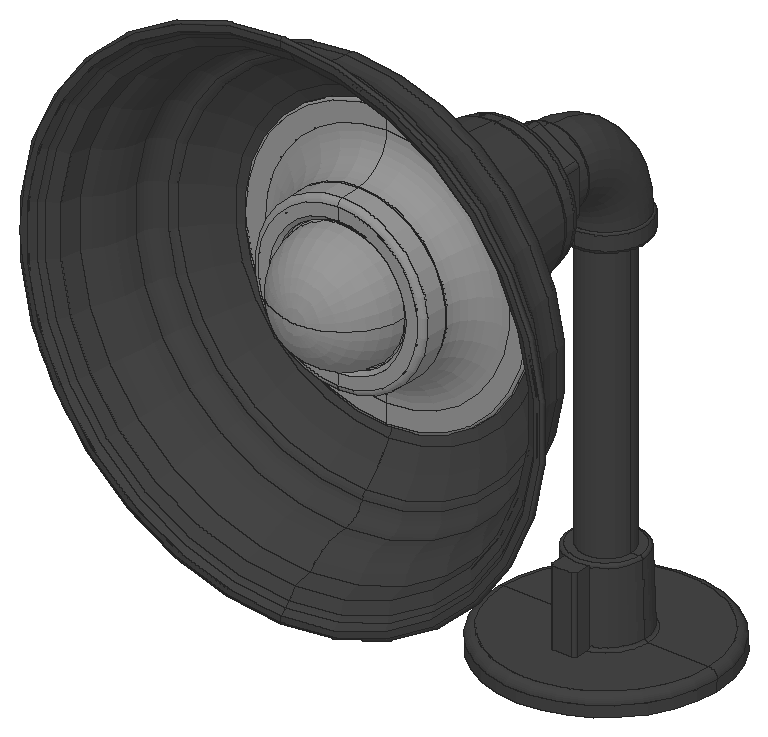
Revit family "BLE-G-WHB-G4-LED", category Lighting Fixtures, host Face, Revit 2022
Family settings
  Host = Face
  Round Connector Dimension = Use Diameter
  Part Type = Normal
  Cut with Voids When Loaded = No
  Light Source = Yes
  Maintain Annotation Orientation = No
  Shared = No
  Room Calculation Point = No
Parameters (values of type "11" Dome")
  Wattage = 5.72229 W
  built-in parameter 1150110 = 1 (stored number, unit not read)
  built-in parameter 1114217 = 1 (stored number, unit not read)
  Tilt Angle = 0.00°
  built-in parameter 1150109 = 1 (stored number, unit not read)
  built-in parameter 1150134 = (empty or 0)
  built-in parameter 1150113 = 1 (stored number, unit not read)
  Heat Sink 9" = no
  Heat Sink 6" = yes
  Heat Sink = 0' - 5 17/32"
  Gooseneck Material = 100 - Black
  Shade Material = 100 - Black
  Photometric Web File = "generic"
  built-in parameter 1150142 = (empty or 0)
  built-in parameter 1150105 = 67.641 (stored number, unit not read)
  Lumens = 850 lm
  built-in parameter 1150115 = 1 (stored number, unit not read)
  built-in parameter 1150137 = (empty or 0)
  built-in parameter 1150139 = (empty or 0)
  built-in parameter 1150112 = 1 (stored number, unit not read)
  built-in parameter 1150114 = 1 (stored number, unit not read)
  built-in parameter 1150132 = 2
  built-in parameter 1150102 = (empty or 0)
  built-in parameter 1150107 = 3000 (stored number, unit not read)
  built-in parameter 1150138 = (empty or 0)
  built-in parameter 1150106 = 0.67641 (stored number, unit not read)
  Flat = no
  built-in parameter 1150104 = 13.8 (stored number, unit not read)
  Dome = yes
  Dimming Lamp Color Temperature Shift = <None>
  Default Elevation = 4' - 0"
  Color Filter = 16777215
  Base Material = 100 - Black
  built-in parameter 1114218 = 1 (stored number, unit not read)
  built-in parameter 1150133 = 10 (stored number, unit not read)
  17" = no
  15" = no
  13" = no
  11" = yes
Reference planes (in)
  plane 1 "Center (Front/Back)": y = 0
  plane 2: z = 0
  plane 3 "Center (Left/Right)": x = 0
Lines and regions (in)
  reference lines
    curve 1: line (0, -5.53125, 19.86275) -> (0, -5.53125, 9.99662)
    curve 2: line (0, 35, 0) -> (0, -36, 0)
    curve 3: line (-39, 0, 0) -> (37, 0, 0)
Dimensions and locks (in)
  "Heat Sink": plane 1 "Center (Front/Back)" to curve 1
  imposter light to host face = 0' - 9.663"
  locked: curve 1 to imposter light at 1
  aligned and locked: plane 2 to host face
  aligned and locked: level to host face
  aligned and locked: plane 3 "Center (Left/Right)" to nested 1
  aligned and locked: plane 1 "Center (Front/Back)" to nested 1
  aligned and locked: nested 4 to imposter light
  aligned and locked: nested 5 to imposter light
  aligned and locked: nested 3 to imposter light
  aligned and locked: nested 3 to plane 3 "Center (Left/Right)"
  aligned and locked: imposter light to nested 2
  aligned and locked: imposter light to nested 6
  aligned and locked: plane 3 "Center (Left/Right)" to nested 6
  aligned and locked: nested 7 to plane 3 "Center (Left/Right)"
  aligned and locked: curve 2 to plane 3 "Center (Left/Right)"
  aligned and locked: plane 1 "Center (Front/Back)" to curve 3
  aligned and locked: nested 8 to imposter light
Automatic sketch dimensions
  host sketch curve to host sketch curve = 8' - 0"  (x2)
  level to curve 1 = 0' - 9.99662"
  curve 1 to curve 1 = 0' - 9.86614"
  curve 3 to plane 3 "Center (Left/Right)" = 3' - 3"
  plane 3 "Center (Left/Right)" to curve 3 = 3' - 1"
  plane 1 "Center (Front/Back)" to curve 2 = 3' - 0"
  curve 2 to plane 1 "Center (Front/Back)" = 2' - 11"
Nested families (in)
  nested 1: "WBP-7501" at (0, 0, 0), type "WBP-7501"
  nested 2: "G4" at (0, 0, 1.975), type "G1"
  nested 3: "WHB Shade" at (0, -2.46318, 9.663) x (0, 0, -1) z (0, -1, 0), type "WHS Shade"
    with 8" no, 6" no, 17" no, 15" no, 13" no
  nested 4: "103264" at (0, -5.53125, 9.663) x (0, 0, -1) z (0, -1, 0), type "103264"
    with Heat Sink 9" no
  nested 5: "ACR-0306" at (0, -6.78129, 9.663) x (1, 0, 0) z (0, -1, 0), type "ACR-0306"
    with Flat no, Dome yes
  nested 6: "RNG-0007" at (0, -6.86239, 9.663) x (0, 0, 1) z (0, -1, 0), type "RNG-0007"
  nested 7: "CPL-0004" at (0, -1.813, 9.663) x (0, 0, -1) z (0, -1, 0), type "CPL-0004"
  nested 8: "103805" at (0, -5.53125, 9.663) x (0, 0, -1) z (0, -1, 0), type "103805"
Connectors (in)
  electrical at (0, 0, 0)
    settings: index 1, voltage 0 V, apparent load 0 VA, apparent load phase1 0 VA, apparent load phase2 0 VA, apparent load phase3 0 VA, power factor 1, load classification "Other", number of poles 1, system type 31, power factor state 1, is connector primary yes, connector utility no, sub classification motor no, connector description ""
Definition of nested family "WBP-7501"
  Parameters (values of type "WBP-7501")
    Default Elevation = 3' - 0"
    Base Material = none
  Reference planes (in)
    plane 1 "Center (Front/Back)": y = 0
    plane 2: z = 0
    plane 3 "Center (Left/Right)": x = 0
    plane 4 "Base Dia": x = -2.325
    plane 5 "Base Height": z = 0.4
    plane 6 "Fillet Radius": z = 0.225
    plane 7: z = 0.458
    plane 8: x = -0.87
    plane 9: x = -0.81
    plane 10: x = -0.76
    plane 11: z = 1.917
    plane 12: z = 1.975
    plane 13: x = -0.7
    plane 14: x = -0.2595
    plane 15: x = 0.2595
    plane 16: y = -1.135
  Forms (in)
    Extrusion 1, solid
      sketch origin (0, 0, 0) x (1, 0, 0) y (0, 1, 0)
        loop
          line (-48, 48) -> (-48, -48) -> (48, -48) -> (48, 48) -> (-48, 48)
      from 0 to -12
    Revolve 2, solid, material <- "Base Material"
      sketch origin (0, 0, 0) x (1, 0, 0) y (0, 0, 1)
        loop
          line (0, 0) -> (0, 1.975) -> (-0.7, 1.975)
          arc (-0.7, 1.975) -> (-0.74172, 1.95814) -> (-0.76, 1.91702) r 0.06003
          line (-0.76, 1.91702) -> (-0.81, 0.458)
          arc (-0.81, 0.458) -> (-0.82699, 0.41699) -> (-0.868, 0.4) r 0.058
          line (-0.868, 0.4) -> (-2.15, 0.4)
          arc (-2.15, 0.4) -> (-2.27374, 0.34874) -> (-2.325, 0.225) r 0.175
          line (-2.325, 0.225) -> (-2.325, 0) -> (0, 0)
        axis (0, 0) -> (0, 1.975)
      angle from 0 to 360
    Extrusion 3, solid, material <- "Base Material"
      sketch origin (0, 0, 0) x (1, 0, 0) y (0, 1, 0)
        loop
          line (-0.2595, -0.76731) -> (-0.2595, -1.075)
          arc (-0.2595, -1.075) -> (-0.24193, -1.11743) -> (-0.1995, -1.135) r 0.06
          line (-0.1995, -1.135) -> (0.1995, -1.135)
          arc (0.1995, -1.135) -> (0.24193, -1.11743) -> (0.2595, -1.075) r 0.06
          line (0.2595, -1.075) -> (0.2595, -0.76731)
          arc (0.2595, -0.76731) -> (0, -0.81) -> (-0.2595, -0.76731) r 0.81
      from 0 to 1.975
  Cuts and joins
    joined: Revolve 2, Extrusion 3
  Dimensions and locks (in)
    plane 4 "Base Dia" to plane 3 "Center (Left/Right)" = 0' - 2.325"
    locked: plane 5 "Base Height" to Extrusion 1 at 0.4
    locked: plane 3 "Center (Left/Right)" to plane 4 "Base Dia" at 2.325
    locked: plane 5 "Base Height" to plane 6 "Fillet Radius" at 0.175
    locked: plane 3 "Center (Left/Right)" to plane 9 at 0.81
    locked: plane 3 "Center (Left/Right)" to plane 8 at 0.87
    locked: plane 3 "Center (Left/Right)" to plane 10 at 0.76
    locked: plane 3 "Center (Left/Right)" to plane 13 at 0.7
    locked: plane 11 to plane 5 "Base Height" at 1.517
    locked: plane 12 to plane 5 "Base Height" at 1.575
    locked: plane 7 to plane 5 "Base Height" at 0.058
    locked: plane 14 to plane 3 "Center (Left/Right)" at 0.2595
    locked: plane 3 "Center (Left/Right)" to plane 15 at 0.2595
    locked: plane 16 to plane 1 "Center (Front/Back)" at 1.135
    radius of Revolve 2 sketch curve = 0' - 0.175"
    aligned and locked: plane 2 to Extrusion 1
    aligned and locked: level to Extrusion 1
    aligned and locked: Revolve 2 sketch curve to plane 5 "Base Height"
    aligned and locked: plane 9 to Revolve 2 sketch curve
    aligned and locked: plane 3 "Center (Left/Right)" to Revolve 2 sketch curve
    aligned and locked: plane 15 to Extrusion 3 sketch curve
    aligned and locked: Extrusion 3 sketch curve to plane 16
    aligned and locked: Extrusion 3 sketch curve to plane 14
  Automatic sketch dimensions
    Extrusion 1 sketch curve to Extrusion 1 sketch curve = 8' - 0"  (x2)
    Revolve 2 sketch curve to level = 0' - 0"
    Revolve 2 sketch curve to plane 4 "Base Dia" = 0' - 0"
    Revolve 2 sketch curve to plane 7 = 0' - 0"  (x2)
    plane 10 to Revolve 2 sketch curve = 0' - 0"
    Revolve 2 sketch curve to plane 12 = 0' - 0"
    Revolve 2 sketch curve to plane 13 = 0' - 0"
    Revolve 2 sketch curve to plane 3 "Center (Left/Right)" = 0' - 0"
    Revolve 2 sketch curve to Revolve 2 sketch curve = 0' - 0.22742"
    Revolve 2 sketch curve to Revolve 2 sketch curve = 0' - 1.76377"
    plane 1 "Center (Front/Back)" to Extrusion 3 sketch curve = 0' - 0"
    Extrusion 3 sketch curve to plane 3 "Center (Left/Right)" = 0' - 0"
    plane 14 to Extrusion 3 sketch curve = 0' - 0.06"
    Extrusion 3 sketch curve to plane 15 = 0' - 0.06"
    Extrusion 3 sketch curve to Extrusion 3 sketch curve = 0' - 0.30769"
Definition of nested family "G4"
  Parameters (values of type "G4")
    Gooseneck Material = none
    Default Elevation = 2' - 0"
  Types (2): name
    G4
    G1
  Reference planes (in)
    plane 1 "Center (Front/Back)": y = 0
    plane 2: z = 0
    plane 3 "Center (Left/Right)": x = 0
    plane 4 "Wood Height": z = 0
    plane 5: z = 7.688
  Forms (in)
    Extrusion 1, solid
      sketch origin (0, 0, 0) x (1, 0, 0) y (0, 1, 0)
        loop
          line (-48, 48) -> (-48, -48) -> (48, -48) -> (48, 48) -> (-48, 48)
      from 0 to -12
  Dimensions and locks (in)
    aligned and locked: plane 2 to Extrusion 1
    aligned and locked: level to Extrusion 1
    aligned and locked: Extrusion 1 to plane 4 "Wood Height"
    aligned and locked: plane 3 "Center (Left/Right)" to nested 1
    aligned and locked: plane 1 "Center (Front/Back)" to nested 1
    aligned and locked: nested 2 to nested 1
    aligned and locked: nested 2 to plane 3 "Center (Left/Right)"
  Nested families (in)
    nested 1: "GNK-7504" at (0, 0, 0), type "GNK-7504"
    nested 2: "APF-750X" at (0, 0, 5.875) x (-1, 0, 0) z (0, 0, 1), type "APF-750X"
  Definition of nested family "GNK-7504"
    Parameters (values of type "GNK-7504")
      Gooseneck Material = none
      Default Elevation = 2' - 0"
    Reference planes (in)
      plane 1 "Center (Front/Back)": y = 0
      plane 2: z = 0
      plane 3 "Center (Left/Right)": x = 0
      plane 4 "Wood Height": z = 0
      plane 5: y = 0.525
      plane 6: z = 5.875
    Forms (in)
      Extrusion 1, solid
        sketch origin (0, 0, 0) x (1, 0, 0) y (0, 1, 0)
          loop
            line (-48, 48) -> (-48, -48) -> (48, -48) -> (48, 48) -> (-48, 48)
        from 0 to -12
      Extrusion 2, solid, material <- "Gooseneck Material"
        sketch origin (0, 0, 0) x (1, 0, 0) y (0, 1, 0)
          loop
            circle (0, 0) r 0.525
        from 0 to 5.875
    Dimensions and locks (in)
      plane 5 to plane 1 "Center (Front/Back)" = 0' - 0.525"  (x2)
      locked: plane 6 to Extrusion 1 at 5.875
      aligned and locked: plane 2 to Extrusion 1
      aligned and locked: level to Extrusion 1
      aligned and locked: Extrusion 1 to plane 4 "Wood Height"
      aligned and locked: Extrusion 2 to Extrusion 1
      aligned and locked: plane 6 to Extrusion 2
  Definition of nested family "APF-750X"
    Parameters (values of type "APF-750X")
      Gooseneck Material = none
      Default Elevation = 2' - 0"
    Reference planes (in)
      plane 1 "Center (Front/Back)": y = 0
      plane 2: z = 0
      plane 3 "Center (Left/Right)": x = 0
      plane 4: z = 0.375
      plane 5: y = 0.8225
      plane 6: y = 1.438
      plane 7: y = 1.813
      plane 8: z = 1.813
      plane 9: z = 0.9905
      plane 10: y = 0.77
    Forms (in)
      Extrusion 1, solid
        sketch origin (0, 0, 0) x (1, 0, 0) y (0, 1, 0)
          loop
            line (-48, 48) -> (-48, -48) -> (48, -48) -> (48, 48) -> (-48, 48)
        from 0 to -12
      Revolve 2, solid, material <- "Gooseneck Material"
        sketch origin (0, 0, 0) x (0, 1, 0) y (0, 0, 1)
          loop
            line (0, 0.375) -> (0, 0) -> (0.7825, 0)
            arc (0.7825, 0) -> (0.81078, 0.01172) -> (0.8225, 0.04) r 0.04
            line (0.8225, 0.04) -> (0.8225, 0.335)
            arc (0.8225, 0.335) -> (0.81078, 0.36328) -> (0.7825, 0.375) r 0.04
            line (0.7825, 0.375) -> (0, 0.375)
          axis (0, 0.375) -> (0, 0)
        angle from 0 to 360
      Revolve 3, solid, material <- "Gooseneck Material"
        sketch origin (0, 0, 0) x (0, 1, 0) y (0, 0, 1)
          loop
            line (1.438, 1.813) -> (1.438, 1.0305)
            arc (1.438, 1.0305) -> (1.44972, 1.00222) -> (1.478, 0.9905) r 0.04
            line (1.478, 0.9905) -> (1.773, 0.9905)
            arc (1.773, 0.9905) -> (1.80128, 1.00222) -> (1.813, 1.0305) r 0.04
            line (1.813, 1.0305) -> (1.813, 1.813) -> (1.438, 1.813)
          axis (1.813, 1.813) -> (1.438, 1.813)
        angle from 0 to 360
      Sweep 4, solid, material <- "Gooseneck Material"
        path origin (0, 0, 0) x (0, 1, 0) y (0, 0, 1)
          loop
            line (0, 0) -> (0, 0.375)
            arc (0, 0.375) -> (0.42118, 1.39182) -> (1.438, 1.813) r 1.438
            line (1.438, 1.813) -> (1.813, 1.813)
        profile origin (0, 0, 0.1875) x (0, -1, 0) y (1, 0, 0)
          loop
            circle (0, 0) r 0.77
    Cuts and joins
      joined: Revolve 2, Revolve 3, Sweep 4
    Dimensions and locks (in)
      locked: plane 5 to plane 1 "Center (Front/Back)" at 0.8225
      locked: plane 4 to Extrusion 1 at 0.375
      locked: plane 7 to plane 6 at 0.375
      locked: plane 6 to plane 1 "Center (Front/Back)" at 1.438
      locked: plane 8 to plane 4 at 1.438
      locked: plane 8 to plane 9 at 0.8225
      plane 10 to plane 1 "Center (Front/Back)" = 0' - 0.77"  (x2)
      radius of Revolve 3 sketch curve = 0' - 0.04"
      aligned and locked: plane 2 to Extrusion 1
      aligned and locked: level to Extrusion 1
      aligned and locked: plane 1 "Center (Front/Back)" to Revolve 2 sketch curve
      aligned and locked: Revolve 3 sketch curve to plane 8
    Automatic sketch dimensions
      Extrusion 1 sketch curve to Extrusion 1 sketch curve = 8' - 0"  (x2)
      Revolve 2 sketch curve to plane 1 "Center (Front/Back)" = 0' - 0"
      Revolve 2 sketch curve to level = 0' - 0"
      Revolve 2 sketch curve to plane 4 = 0' - 0"
      Revolve 2 sketch curve to plane 5 = 0' - 0"
      plane 5 to Revolve 2 sketch curve = 0' - 0.04"
      Revolve 2 sketch curve to Revolve 2 sketch curve = 0' - 0.04"
      Revolve 2 sketch curve to level = 0' - 0.2686"
      plane 4 to Revolve 2 sketch curve = 0' - 0 1/4"
      Revolve 3 sketch curve to plane 5 = 0' - 0"
      Revolve 3 sketch curve to plane 6 = 0' - 0"
      Revolve 3 sketch curve to plane 9 = 0' - 0"
      Revolve 3 sketch curve to plane 7 = 0' - 0"
      Revolve 3 sketch curve to plane 8 = 0' - 0"
      plane 7 to Revolve 3 sketch curve = 0' - 0.04"
      Revolve 3 sketch curve to Revolve 3 sketch curve = 0' - 0.18003"
      Sweep 4 sketch curve to plane 6 = 0' - 0"
      Sweep 4 sketch curve to plane 7 = 0' - 0"
      Sweep 4 sketch curve to level = 0' - 0"
      Sweep 4 sketch curve to plane 4 = 0' - 0"
      Sweep 4 sketch curve to plane 8 = 0' - 0"
      Sweep 4 sketch curve to plane 3 "Center (Left/Right)" = 0' - 0"
      Sweep 4 sketch curve to profile plane = 0' - 0"
      radius of Sweep 4 sketch curve = 0' - 0.77"
Definition of nested family "WHB Shade"
  Parameters (values of type "WHB Shade")
    Shade Material = none
    Default Elevation = 2' - 0"
    17" = yes
    15" = yes
    13" = yes
    11" = yes
    8" = yes
    6" = yes
  Reference planes (in)
    plane 1 "Center (Front/Back)": y = 0
    plane 2: z = 0
    plane 3 "Center (Left/Right)": x = 0
  Forms (in)
    Extrusion 1, solid
      sketch origin (0, 0, 0) x (1, 0, 0) y (0, 1, 0)
        loop
          line (-48, 48) -> (-48, -48) -> (48, -48) -> (48, 48) -> (-48, 48)
      from 0 to -12
  Dimensions and locks (in)
    aligned and locked: plane 2 to Extrusion 1
    aligned and locked: level to Extrusion 1
    aligned and locked: plane 1 "Center (Front/Back)" to nested 1
    aligned and locked: plane 3 "Center (Left/Right)" to nested 1
    aligned and locked: plane 3 "Center (Left/Right)" to nested 2
    aligned and locked: plane 1 "Center (Front/Back)" to nested 2
    aligned and locked: plane 1 "Center (Front/Back)" to nested 3
    aligned and locked: plane 3 "Center (Left/Right)" to nested 3
    aligned and locked: plane 3 "Center (Left/Right)" to nested 4
    aligned and locked: plane 1 "Center (Front/Back)" to nested 4
    aligned and locked: plane 1 "Center (Front/Back)" to nested 5
    aligned and locked: plane 3 "Center (Left/Right)" to nested 5
    aligned and locked: plane 3 "Center (Left/Right)" to nested 6
    aligned and locked: plane 1 "Center (Front/Back)" to nested 6
  Nested families (in)
    nested 1: "SHD-0073" at (0, 0, 0), visible <- "6"", type "SHD-0073"
    nested 2: "SHD-0074" at (0, 0, 0), visible <- "8"", type "SHD-0074"
    nested 3: "SHD-0019" at (0, 0, 0), visible <- "11"", type "SHD-0019"
    nested 4: "SHD-0020" at (0, 0, 0), visible <- "13"", type "SHD-0020"
    nested 5: "SHD-0022" at (0, 0, 0), visible <- "17"", type "SHD-0022"
    nested 6: "SHD-0021" at (0, 0, 0), visible <- "15"", type "SHD-0021"
  Definition of nested family "SHD-0073"
    Parameters (values of type "SHD-0073")
      Shade Material = none
      Default Elevation = 2' - 0"
    Reference planes (in)
      plane 1 "Center (Front/Back)": y = 0
      plane 2: z = 0
      plane 3 "Center (Left/Right)": x = 0
    Forms (in)
      Extrusion 1, solid
        sketch origin (0.09263, 0, 0.02324) x (1, 0, 0) y (0, 1, 0)
          loop
            line (-48, 48) -> (-48, -48) -> (48, -48) -> (48, 48) -> (-48, 48)
        from -0.02324 to -12
      Revolve 2, solid, material <- "Shade Material"
        sketch origin (0, 0, 0) x (1, 0, 0) y (0, 0, 1)
          loop
            line (0, 0.03906) -> (-0.87579, 0.03906)
            arc (-0.87579, 0.03906) -> (-0.93447, 0.06284) -> (-0.96005, 0.12076) r 0.0843
            line (-0.96005, 0.12076) -> (-0.98861, 1.04523)
            arc (-0.98861, 1.04523) -> (-1.01951, 1.13722) -> (-1.09617, 1.19672) r 0.16785
            arc (-1.09617, 1.19672) -> (-1.12932, 1.21983) -> (-1.14792, 1.25572) r 0.08435
            line (-1.14792, 1.25572) -> (-1.30194, 1.8953)
            arc (-1.30194, 1.8953) -> (-1.55722, 2.3583) -> (-2.01293, 2.62636) r 0.99978
            arc (-2.01293, 2.62636) -> (-2.33316, 2.81372) -> (-2.51458, 3.13736) r 0.70762
            line (-2.51458, 3.13736) -> (-2.88606, 4.61912)
            arc (-2.88606, 4.61912) -> (-2.89984, 4.6509) -> (-2.9231, 4.67657) r 0.10636
            arc (-2.9231, 4.67657) -> (-2.93679, 4.69272) -> (-2.94325, 4.71288) r 0.05416
            line (-2.94325, 4.71288) -> (-2.95995, 4.8599) -> (-2.99926, 4.8599) -> (-2.98018, 4.69189)
            arc (-2.98018, 4.69189) -> (-2.97181, 4.6682) -> (-2.95392, 4.65055) r 0.05598
            arc (-2.95392, 4.65055) -> (-2.93493, 4.63302) -> (-2.92395, 4.60962) r 0.0673
            line (-2.92395, 4.60962) -> (-2.55247, 3.12786)
            arc (-2.55247, 3.12786) -> (-2.36104, 2.78636) -> (-2.02313, 2.58865) r 0.74668
            arc (-2.02313, 2.58865) -> (-1.58522, 2.33106) -> (-1.33991, 1.88616) r 0.96072
            line (-1.33991, 1.88616) -> (-1.1859, 1.24657)
            arc (-1.1859, 1.24657) -> (-1.15869, 1.19407) -> (-1.11018, 1.16026) r 0.12341
            arc (-1.11018, 1.16026) -> (-1.05137, 1.1146) -> (-1.02765, 1.04402) r 0.12878
            line (-1.02765, 1.04402) -> (-0.99909, 0.11955)
            arc (-0.99909, 0.11955) -> (-0.96166, 0.0348) -> (-0.87579, 0) r 0.12336
            line (-0.87579, 0) -> (0, 0) -> (0, 0.03906)
          axis (0, 4.8599) -> (0, 0)
        angle from 0 to 360
    Dimensions and locks (in)
      aligned and locked: plane 2 to Extrusion 1
      aligned and locked: level to Extrusion 1
    Automatic sketch dimensions
      Extrusion 1 sketch curve to Extrusion 1 sketch curve = 8' - 0"  (x2)
      Revolve 2 sketch curve to Revolve 2 sketch curve = 0' - 0"  (x12)
      Revolve 2 sketch curve to level = 0' - 0"
      Revolve 2 sketch curve to plane 3 "Center (Left/Right)" = 0' - 0"  (x2)
      level to Revolve 2 sketch curve = 0' - 0.12336"
      Revolve 2 sketch curve to plane 3 "Center (Left/Right)" = 0' - 0.87579"
      level to Revolve 2 sketch curve = 0' - 0.12076"
      Revolve 2 sketch curve to Revolve 2 sketch curve = 0' - 0.08426"
      Revolve 2 sketch curve to Revolve 2 sketch curve = 0' - 0.02856"
      level to Revolve 2 sketch curve = 0' - 0.11955"
      Revolve 2 sketch curve to Revolve 2 sketch curve = 0' - 0 5/128"
      Revolve 2 sketch curve to Revolve 2 sketch curve = 0' - 0.03827"
      Revolve 2 sketch curve to Revolve 2 sketch curve = 0' - 0.08201"
      Revolve 2 sketch curve to Revolve 2 sketch curve = 0' - 0.12872"
      Revolve 2 sketch curve to Revolve 2 sketch curve = 0' - 0.03798"  (x2)
      Revolve 2 sketch curve to Revolve 2 sketch curve = 0' - 0.15401"
      Revolve 2 sketch curve to Revolve 2 sketch curve = 0' - 0 125/256"
      Revolve 2 sketch curve to Revolve 2 sketch curve = 0' - 0.93402"
      Revolve 2 sketch curve to Revolve 2 sketch curve = 0' - 0.68638"
      Revolve 2 sketch curve to Revolve 2 sketch curve = 0' - 0.03789"  (x2)
      Revolve 2 sketch curve to Revolve 2 sketch curve = 0' - 0.37148"
      Revolve 2 sketch curve to Revolve 2 sketch curve = 0' - 0.00338"
      Revolve 2 sketch curve to Revolve 2 sketch curve = 0' - 0.03513"
      Revolve 2 sketch curve to Revolve 2 sketch curve = 0' - 0.01869"
      Revolve 2 sketch curve to Revolve 2 sketch curve = 0' - 0.03693"
      Revolve 2 sketch curve to Revolve 2 sketch curve = 0' - 0.06528"
      Revolve 2 sketch curve to Revolve 2 sketch curve = 0' - 0.05601"
      Revolve 2 sketch curve to Revolve 2 sketch curve = 0' - 0.00121"
      Revolve 2 sketch curve to Revolve 2 sketch curve = 0' - 0.20652"
      Revolve 2 sketch curve to Revolve 2 sketch curve = 0' - 0.00914"  (x2)
      Revolve 2 sketch curve to Revolve 2 sketch curve = 0' - 0.01975"
      Revolve 2 sketch curve to Revolve 2 sketch curve = 0' - 1.46662"
      Revolve 2 sketch curve to Revolve 2 sketch curve = 0' - 0.0095"  (x2)
      Revolve 2 sketch curve to Revolve 2 sketch curve = 0' - 0.17208"
      Revolve 2 sketch curve to Revolve 2 sketch curve = 0' - 0.09863"
      Revolve 2 sketch curve to Revolve 2 sketch curve = 0' - 0.00632"
      Revolve 2 sketch curve to Revolve 2 sketch curve = 0' - 0.01467"
      Revolve 2 sketch curve to Revolve 2 sketch curve = 0' - 0.02078"
      Revolve 2 sketch curve to Revolve 2 sketch curve = 0' - 0.68038"
      Revolve 2 sketch curve to Revolve 2 sketch curve = 0' - 0.3547"
  Definition of nested family "SHD-0074"
    Parameters (values of type "SHD-0074")
      Shade Material = none
      Default Elevation = 2' - 0"
    Reference planes (in)
      plane 1 "Center (Front/Back)": y = 0
      plane 2: z = 0
      plane 3 "Center (Left/Right)": x = 0
    Forms (in)
      Extrusion 1, solid
        sketch origin (0.09263, 0, 0.02324) x (1, 0, 0) y (0, 1, 0)
          loop
            line (-48, 48) -> (-48, -48) -> (48, -48) -> (48, 48) -> (-48, 48)
        from -0.02324 to -12
      Revolve 2, solid, material <- "Shade Material"
        sketch origin (0, 0, 0) x (1, 0, 0) y (0, 0, 1)
          loop
            line (0, 0) -> (0, 0.03906) -> (-1.14807, 0.03906)
            arc (-1.14807, 0.03906) -> (-1.2741, 0.09017) -> (-1.32894, 0.21462) r 0.18095
            line (-1.32894, 0.21462) -> (-1.3651, 1.42566)
            arc (-1.3651, 1.42566) -> (-1.39345, 1.51093) -> (-1.46402, 1.56657) r 0.15656
            arc (-1.46402, 1.56657) -> (-1.53401, 1.61608) -> (-1.57335, 1.69225) r 0.18097
            line (-1.57335, 1.69225) -> (-1.77626, 2.52967)
            arc (-1.77626, 2.52967) -> (-2.09487, 3.10739) -> (-2.66269, 3.44334) r 1.25363
            arc (-2.66269, 3.44334) -> (-3.11575, 3.71011) -> (-3.37255, 4.1689) r 1.00681
            line (-3.37255, 4.1689) -> (-3.85994, 6.109)
            arc (-3.85994, 6.109) -> (-3.87317, 6.13828) -> (-3.8958, 6.16109) r 0.09052
            arc (-3.8958, 6.16109) -> (-3.92393, 6.19141) -> (-3.93708, 6.23062) r 0.09827
            line (-3.93708, 6.23062) -> (-3.96079, 6.44195) -> (-4.0001, 6.44195) -> (-3.9759, 6.22627)
            arc (-3.9759, 6.22627) -> (-3.95752, 6.17147) -> (-3.91821, 6.12909) r 0.13733
            arc (-3.91821, 6.12909) -> (-3.90535, 6.11612) -> (-3.89782, 6.09948) r 0.05146
            line (-3.89782, 6.09948) -> (-3.41044, 4.15939)
            arc (-3.41044, 4.15939) -> (-3.14367, 3.6828) -> (-2.67303, 3.40567) r 1.04587
            arc (-2.67303, 3.40567) -> (-2.12291, 3.08019) -> (-1.81423, 2.52047) r 1.21457
            line (-1.81423, 2.52047) -> (-1.61132, 1.68305)
            arc (-1.61132, 1.68305) -> (-1.56348, 1.59044) -> (-1.47839, 1.53025) r 0.22003
            arc (-1.47839, 1.53025) -> (-1.42543, 1.48849) -> (-1.40415, 1.42449) r 0.1175
            line (-1.40415, 1.42449) -> (-1.36798, 0.21345)
            arc (-1.36798, 0.21345) -> (-1.3013, 0.06214) -> (-1.14807, 0) r 0.22002
            line (-1.14807, 0) -> (0, 0)
          axis (0, 6.44195) -> (0, 0)
        angle from 0 to 360
    Dimensions and locks (in)
      aligned and locked: plane 2 to Extrusion 1
      aligned and locked: level to Extrusion 1
    Automatic sketch dimensions
      Extrusion 1 sketch curve to Extrusion 1 sketch curve = 8' - 0"  (x2)
      Revolve 2 sketch curve to Revolve 2 sketch curve = 0' - 0"  (x14)
      Revolve 2 sketch curve to level = 0' - 0"
      Revolve 2 sketch curve to plane 3 "Center (Left/Right)" = 0' - 0"  (x2)
      Revolve 2 sketch curve to plane 3 "Center (Left/Right)" = 0' - 1.14807"
      level to Revolve 2 sketch curve = 0' - 0.21462"
      Revolve 2 sketch curve to Revolve 2 sketch curve = 0' - 0.18087"
      Revolve 2 sketch curve to Revolve 2 sketch curve = 0' - 0.03617"
      level to Revolve 2 sketch curve = 0' - 0.21345"
      Revolve 2 sketch curve to Revolve 2 sketch curve = 0' - 0 5/128"  (x2)
      Revolve 2 sketch curve to Revolve 2 sketch curve = 0' - 0.03237"
      Revolve 2 sketch curve to Revolve 2 sketch curve = 0' - 0.11745"
      Revolve 2 sketch curve to Revolve 2 sketch curve = 0' - 0.17588"
      Revolve 2 sketch curve to Revolve 2 sketch curve = 0' - 0.03796"  (x2)
      Revolve 2 sketch curve to Revolve 2 sketch curve = 0' - 0.20291"
      Revolve 2 sketch curve to Revolve 2 sketch curve = 0' - 0.58186"
      Revolve 2 sketch curve to Revolve 2 sketch curve = 0' - 1.18041"
      Revolve 2 sketch curve to Revolve 2 sketch curve = 0' - 0.97647"
      Revolve 2 sketch curve to Revolve 2 sketch curve = 0' - 0.03789"  (x2)
      Revolve 2 sketch curve to Revolve 2 sketch curve = 0' - 0.46688"
      Revolve 2 sketch curve to Revolve 2 sketch curve = 0' - 0.02051"
      Revolve 2 sketch curve to Revolve 2 sketch curve = 0' - 0 25/256"
      Revolve 2 sketch curve to Revolve 2 sketch curve = 0' - 0.04991"
      Revolve 2 sketch curve to Revolve 2 sketch curve = 0' - 0.03882"
      Revolve 2 sketch curve to Revolve 2 sketch curve = 0' - 0.02419"
      Revolve 2 sketch curve to Revolve 2 sketch curve = 0' - 0.00117"
      Revolve 2 sketch curve to Revolve 2 sketch curve = 0' - 0.26206"
      Revolve 2 sketch curve to Revolve 2 sketch curve = 0' - 0.0092"  (x2)
      Revolve 2 sketch curve to Revolve 2 sketch curve = 0' - 0.04262"
      Revolve 2 sketch curve to Revolve 2 sketch curve = 0' - 1.92493"
      Revolve 2 sketch curve to Revolve 2 sketch curve = 0' - 0.00952"  (x2)
      Revolve 2 sketch curve to Revolve 2 sketch curve = 0' - 0.2453"
      Revolve 2 sketch curve to Revolve 2 sketch curve = 0' - 0.13933"
      Revolve 2 sketch curve to Revolve 2 sketch curve = 0' - 0.00435"
      Revolve 2 sketch curve to Revolve 2 sketch curve = 0' - 0.01095"
      Revolve 2 sketch curve to Revolve 2 sketch curve = 0' - 0.21568"
      Revolve 2 sketch curve to Revolve 2 sketch curve = 0' - 0.03931"
      Revolve 2 sketch curve to Revolve 2 sketch curve = 0' - 0.68038"
      Revolve 2 sketch curve to Revolve 2 sketch curve = 0' - 0.51514"
  Definition of nested family "SHD-0019"
    Parameters (values of type "SHD-0019")
      Shade Material = none
      Default Elevation = 2' - 0"
    Reference planes (in)
      plane 1 "Center (Front/Back)": y = 0
      plane 2: z = 0
      plane 3 "Center (Left/Right)": x = 0
    Forms (in)
      Extrusion 1, solid
        sketch origin (0.09263, 0, 0.02324) x (1, 0, 0) y (0, 1, 0)
          loop
            line (-48, 48) -> (-48, -48) -> (48, -48) -> (48, 48) -> (-48, 48)
        from -0.02324 to -12
      Revolve 2, solid, material <- "Shade Material"
        sketch origin (0, 0, 0) x (1, 0, 0) y (0, 0, 1)
          loop
            line (0, 0) -> (0, 0.03906) -> (-1.25514, 0.03906)
            arc (-1.25514, 0.03906) -> (-1.35614, 0.0809) -> (-1.39797, 0.1819) r 0.14284
            line (-1.39797, 0.1819) -> (-1.39797, 0.40436)
            arc (-1.39797, 0.40436) -> (-1.40946, 0.44193) -> (-1.43999, 0.46665) r 0.06717
            arc (-1.43999, 0.46665) -> (-1.46357, 0.48473) -> (-1.47446, 0.51238) r 0.05558
            line (-1.47446, 0.51238) -> (-1.65246, 2.20592)
            arc (-1.65246, 2.20592) -> (-1.81497, 2.52488) -> (-2.14916, 2.65316) r 0.49944
            line (-2.14916, 2.65316) -> (-2.24649, 2.65316)
            arc (-2.24649, 2.65316) -> (-2.31667, 2.67482) -> (-2.36287, 2.73191) r 0.12605
            arc (-2.36287, 2.73191) -> (-2.52975, 2.94415) -> (-2.78418, 3.03449) r 0.48568
            arc (-2.78418, 3.03449) -> (-2.86526, 3.04814) -> (-2.94157, 3.07874) r 0.38387
            line (-2.94157, 3.07874) -> (-3.22069, 3.22715)
            arc (-3.22069, 3.22715) -> (-3.61341, 3.48929) -> (-3.9463, 3.82416) r 2.36749
            arc (-3.9463, 3.82416) -> (-4.00593, 3.87819) -> (-4.079, 3.91189) r 0.26567
            arc (-4.079, 3.91189) -> (-4.32022, 4.07818) -> (-4.41249, 4.35625) r 0.46094
            arc (-4.41249, 4.35625) -> (-4.52362, 4.86613) -> (-4.83937, 5.28163) r 1.20855
            line (-4.83937, 5.28163) -> (-4.92424, 5.68987) -> (-5.13707, 5.82286)
            arc (-5.13707, 5.82286) -> (-5.1902, 5.86363) -> (-5.23456, 5.91381) r 0.34908
            line (-5.23456, 5.91381) -> (-5.32729, 6.04153) -> (-5.45509, 6.04153)
            arc (-5.45509, 6.04153) -> (-5.50157, 5.99506) -> (-5.45509, 5.94858) r 0.04648
            line (-5.45509, 5.94858) -> (-5.3113, 5.94858) -> (-5.26576, 5.89029)
            arc (-5.26576, 5.89029) -> (-5.21658, 5.83483) -> (-5.15777, 5.78973) r 0.38814
            line (-5.15777, 5.78973) -> (-4.95909, 5.66558) -> (-4.87486, 5.2604)
            arc (-4.87486, 5.2604) -> (-4.5619, 4.85582) -> (-4.45155, 4.35637) r 1.16949
            arc (-4.45155, 4.35637) -> (-4.35146, 4.05473) -> (-4.0898, 3.87435) r 0.5
            arc (-4.0898, 3.87435) -> (-4.02747, 3.8456) -> (-3.97662, 3.79952) r 0.22661
            arc (-3.97662, 3.79952) -> (-3.63823, 3.45913) -> (-3.23903, 3.19266) r 2.40656
            line (-3.23903, 3.19266) -> (-2.95991, 3.04425)
            arc (-2.95991, 3.04425) -> (-2.87583, 3.01053) -> (-2.7865, 2.99549) r 0.42293
            arc (-2.7865, 2.99549) -> (-2.55253, 2.91243) -> (-2.39908, 2.71725) r 0.44662
            arc (-2.39908, 2.71725) -> (-2.33853, 2.64244) -> (-2.24656, 2.6141) r 0.16512
            line (-2.24656, 2.6141) -> (-2.14916, 2.6141)
            arc (-2.14916, 2.6141) -> (-1.84111, 2.49585) -> (-1.6913, 2.20184) r 0.46038
            line (-1.6913, 2.20184) -> (-1.51331, 0.50829)
            arc (-1.51331, 0.50829) -> (-1.49476, 0.46122) -> (-1.45462, 0.43043) r 0.09464
            arc (-1.45462, 0.43043) -> (-1.44184, 0.42008) -> (-1.43704, 0.40436) r 0.02811
            line (-1.43704, 0.40436) -> (-1.43704, 0.1819)
            arc (-1.43704, 0.1819) -> (-1.38376, 0.05328) -> (-1.25514, 0) r 0.1819
            line (-1.25514, 0) -> (0, 0)
          axis (0, 6.04153) -> (0, 0)
        angle from 0 to 360
    Dimensions and locks (in)
      aligned and locked: plane 2 to Extrusion 1
      aligned and locked: level to Extrusion 1
    Automatic sketch dimensions
      Extrusion 1 sketch curve to Extrusion 1 sketch curve = 8' - 0"  (x2)
      Revolve 2 sketch curve to Revolve 2 sketch curve = 0' - 0"  (x30)
      Revolve 2 sketch curve to level = 0' - 0"
      Revolve 2 sketch curve to plane 3 "Center (Left/Right)" = 0' - 0"  (x2)
      Revolve 2 sketch curve to plane 3 "Center (Left/Right)" = 0' - 1.25514"
      Revolve 2 sketch curve to Revolve 2 sketch curve = 0' - 0.14284"
      Revolve 2 sketch curve to Revolve 2 sketch curve = 0' - 0.02121"
      Revolve 2 sketch curve to Revolve 2 sketch curve = 0' - 0 5/128"
      Revolve 2 sketch curve to Revolve 2 sketch curve = 0' - 0.02811"
      level to Revolve 2 sketch curve = 0' - 0.51238"
      Revolve 2 sketch curve to Revolve 2 sketch curve = 0' - 0.05528"
      level to Revolve 2 sketch curve = 0' - 0.50829"
      Revolve 2 sketch curve to Revolve 2 sketch curve = 0' - 0.03885"  (x2)
      Revolve 2 sketch curve to plane 3 "Center (Left/Right)" = 0' - 1.65246"
      Revolve 2 sketch curve to plane 3 "Center (Left/Right)" = 0' - 2.10922"
      Revolve 2 sketch curve to Revolve 2 sketch curve = 0' - 0.45786"
      Revolve 2 sketch curve to Revolve 2 sketch curve = 0' - 0.09686"
      Revolve 2 sketch curve to Revolve 2 sketch curve = 0' - 0.09733"
      Revolve 2 sketch curve to Revolve 2 sketch curve = 0' - 0.00007"
      Revolve 2 sketch curve to Revolve 2 sketch curve = 0' - 0.51533"
      Revolve 2 sketch curve to Revolve 2 sketch curve = 0' - 0.5665"
      Revolve 2 sketch curve to Revolve 2 sketch curve = 0' - 0.18022"
      Revolve 2 sketch curve to Revolve 2 sketch curve = 0' - 0.01834"  (x2)
      Revolve 2 sketch curve to Revolve 2 sketch curve = 0' - 0.27912"
      Revolve 2 sketch curve to Revolve 2 sketch curve = 0' - 0.73086"
      Revolve 2 sketch curve to Revolve 2 sketch curve = 0' - 0.2009"
      Revolve 2 sketch curve to Revolve 2 sketch curve = 0' - 0.88782"
      Revolve 2 sketch curve to Revolve 2 sketch curve = 0' - 0.03549"
      Revolve 2 sketch curve to Revolve 2 sketch curve = 0' - 0.08486"
      Revolve 2 sketch curve to Revolve 2 sketch curve = 0' - 0.02785"
      Revolve 2 sketch curve to Revolve 2 sketch curve = 0' - 0.03485"
      Revolve 2 sketch curve to Revolve 2 sketch curve = 0' - 0.17798"
      Revolve 2 sketch curve to Revolve 2 sketch curve = 0' - 0.0207"
      Revolve 2 sketch curve to Revolve 2 sketch curve = 0' - 0.0975"
      Revolve 2 sketch curve to Revolve 2 sketch curve = 0' - 0.03119"
      Revolve 2 sketch curve to Revolve 2 sketch curve = 0' - 0.04554"
      Revolve 2 sketch curve to Revolve 2 sketch curve = 0' - 0.14379"
      Revolve 2 sketch curve to Revolve 2 sketch curve = 0' - 0.74618"
      Revolve 2 sketch curve to Revolve 2 sketch curve = 0' - 0.10801"
      Revolve 2 sketch curve to Revolve 2 sketch curve = 0' - 0.00581"
      Revolve 2 sketch curve to Revolve 2 sketch curve = 0' - 0.00408"
      Revolve 2 sketch curve to Revolve 2 sketch curve = 0' - 0.06443"
      Revolve 2 sketch curve to Revolve 2 sketch curve = 0' - 0.12605"
      Revolve 2 sketch curve to Revolve 2 sketch curve = 0' - 0.49458"
      Revolve 2 sketch curve to Revolve 2 sketch curve = 0' - 0.03449"  (x2)
      Revolve 2 sketch curve to Revolve 2 sketch curve = 0' - 0.14841"
      Revolve 2 sketch curve to Revolve 2 sketch curve = 0' - 0.46392"
      Revolve 2 sketch curve to Revolve 2 sketch curve = 0' - 0.69828"
      Revolve 2 sketch curve to Revolve 2 sketch curve = 0' - 0.70331"
      Revolve 2 sketch curve to Revolve 2 sketch curve = 0' - 0.90051"
      Revolve 2 sketch curve to Revolve 2 sketch curve = 0' - 0.02122"
      Revolve 2 sketch curve to Revolve 2 sketch curve = 0' - 1.89985"
      Revolve 2 sketch curve to Revolve 2 sketch curve = 0' - 0.38395"
      Revolve 2 sketch curve to Revolve 2 sketch curve = 0' - 0.02429"
      Revolve 2 sketch curve to Revolve 2 sketch curve = 0' - 0.12415"
      Revolve 2 sketch curve to Revolve 2 sketch curve = 0' - 0.03313"
      Revolve 2 sketch curve to Revolve 2 sketch curve = 0' - 0.05829"
      Revolve 2 sketch curve to Revolve 2 sketch curve = 0' - 0.04648"
      Revolve 2 sketch curve to Revolve 2 sketch curve = 0' - 0.01599"
      Revolve 2 sketch curve to Revolve 2 sketch curve = 0' - 0.68038"
      Revolve 2 sketch curve to Revolve 2 sketch curve = 0' - 1.53056"
  Definition of nested family "SHD-0020"
    Parameters (values of type "SHD-0020")
      Shade Material = none
      Default Elevation = 2' - 0"
    Reference planes (in)
      plane 1 "Center (Front/Back)": y = 0
      plane 2: z = 0
      plane 3 "Center (Left/Right)": x = 0
      plane 4: x = -1.27876
      plane 5: z = 0.137
      plane 6: x = -1.44076
      plane 7: x = -1.46776
      plane 8: z = 0.294
      plane 9: x = -1.48176
      plane 10: z = 0.311
      plane 11: z = 0.395
      plane 12: x = -1.54476
      plane 13: z = 2.088
      plane 14: x = -1.72276
      plane 15: z = 2.5
      plane 16: x = -2.18076
      plane 17: z = 2.608
      plane 18: x = -2.43176
      plane 19: x = -2.82376
      plane 20: z = 2.873
      plane 21: z = 2.895
      plane 22: x = -2.87876
      plane 23: z = 2.954
      plane 24: x = -2.95276
      plane 25: z = 3.023
      plane 26: x = -3.10676
      plane 27: x = -2.27776
    Forms (in)
      Extrusion 1, solid
        sketch origin (0.09263, 0, 0.02324) x (1, 0, 0) y (0, 1, 0)
          loop
            line (-48, 48) -> (-48, -48) -> (48, -48) -> (48, 48) -> (-48, 48)
        from -0.02324 to -12
      Revolve 2, solid, material <- "Shade Material"
        sketch origin (0, 0, 0) x (1, 0, 0) y (0, 0, 1)
          loop
            line (0, 0) -> (0, 0.03906) -> (-1.2768, 0.03906)
            arc (-1.2768, 0.03906) -> (-1.35899, 0.06907) -> (-1.4025, 0.14499) r 0.12754
            line (-1.4025, 0.14499) -> (-1.42739, 0.28969)
            arc (-1.42739, 0.28969) -> (-1.44233, 0.32466) -> (-1.47142, 0.34916) r 0.08217
            arc (-1.47142, 0.34916) -> (-1.49504, 0.36972) -> (-1.50591, 0.39908) r 0.06331
            line (-1.50591, 0.39908) -> (-1.68358, 2.08888)
            arc (-1.68358, 2.08888) -> (-1.84717, 2.40993) -> (-2.18358, 2.53906) r 0.50276
            line (-2.18358, 2.53906) -> (-2.27776, 2.53906)
            arc (-2.27776, 2.53906) -> (-2.34786, 2.56062) -> (-2.39372, 2.61784) r 0.12473
            arc (-2.39372, 2.61784) -> (-2.41079, 2.65638) -> (-2.43086, 2.69346) r 0.53263
            arc (-2.43086, 2.69346) -> (-2.45841, 2.73306) -> (-2.49138, 2.76828) r 0.33419
            arc (-2.49138, 2.76828) -> (-2.64394, 2.86795) -> (-2.82078, 2.91195) r 0.54674
            arc (-2.82078, 2.91195) -> (-2.83844, 2.91605) -> (-2.85406, 2.92526) r 0.05986
            arc (-2.85406, 2.92526) -> (-2.8952, 2.95841) -> (-2.93676, 2.99103) r 4.15249
            arc (-2.93676, 2.99103) -> (-2.99577, 3.02797) -> (-3.06095, 3.05248) r 0.34928
            arc (-3.06095, 3.05248) -> (-3.46112, 3.1896) -> (-3.85731, 3.33784) r 15.14749
            arc (-3.85731, 3.33784) -> (-4.46904, 3.49158) -> (-4.95194, 3.89736) r 1.4056
            arc (-4.95194, 3.89736) -> (-5.04169, 3.99802) -> (-5.14674, 4.08258) r 0.81868
            arc (-5.14674, 4.08258) -> (-5.26733, 4.21645) -> (-5.31172, 4.39106) r 0.3756
            arc (-5.31172, 4.39106) -> (-5.41744, 4.87257) -> (-5.70989, 5.26943) r 1.18543
            line (-5.70989, 5.26943) -> (-5.94098, 5.69562)
            arc (-5.94098, 5.69562) -> (-6.01104, 5.79125) -> (-6.10412, 5.86465) r 0.43906
            arc (-6.10412, 5.86465) -> (-6.17847, 5.91786) -> (-6.24224, 5.98339) r 0.51485
            line (-6.24224, 5.98339) -> (-6.32179, 6.09289) -> (-6.45519, 6.09289)
            arc (-6.45519, 6.09289) -> (-6.50155, 6.04653) -> (-6.45519, 6.00017) r 0.04636
            line (-6.45519, 6.00017) -> (-6.30624, 6.00017) -> (-6.27254, 5.95874)
            arc (-6.27254, 5.95874) -> (-6.20394, 5.88824) -> (-6.12395, 5.83099) r 0.55391
            arc (-6.12395, 5.83099) -> (-6.03914, 5.76412) -> (-5.97532, 5.677) r 0.4
            line (-5.97532, 5.677) -> (-5.74093, 5.24473)
            arc (-5.74093, 5.24473) -> (-5.45443, 4.85954) -> (-5.35078, 4.3908) r 1.14637
            arc (-5.35078, 4.3908) -> (-5.30178, 4.19802) -> (-5.16865, 4.05024) r 0.41466
            arc (-5.16865, 4.05024) -> (-5.06861, 3.96971) -> (-4.98314, 3.87386) r 0.77962
            arc (-4.98314, 3.87386) -> (-4.48993, 3.4584) -> (-3.86507, 3.29894) r 1.44467
            arc (-3.86507, 3.29894) -> (-3.47051, 3.15147) -> (-3.07201, 3.015) r 15.18656
            arc (-3.07201, 3.015) -> (-3.01358, 2.9932) -> (-2.96068, 2.96015) r 0.31022
            arc (-2.96068, 2.96015) -> (-2.91951, 2.92783) -> (-2.87876, 2.895) r 4.11343
            arc (-2.87876, 2.895) -> (-2.85295, 2.87979) -> (-2.82376, 2.873) r 0.09892
            arc (-2.82376, 2.873) -> (-2.65956, 2.83215) -> (-2.5179, 2.73959) r 0.50768
            arc (-2.5179, 2.73959) -> (-2.48878, 2.70849) -> (-2.46445, 2.67352) r 0.29513
            arc (-2.46445, 2.67352) -> (-2.44585, 2.63916) -> (-2.43004, 2.60345) r 0.49356
            arc (-2.43004, 2.60345) -> (-2.36981, 2.52831) -> (-2.27776, 2.5) r 0.1638
            line (-2.27776, 2.5) -> (-2.18358, 2.5)
            arc (-2.18358, 2.5) -> (-1.87331, 2.3809) -> (-1.72243, 2.08479) r 0.46369
            line (-1.72243, 2.08479) -> (-1.54476, 0.395)
            arc (-1.54476, 0.395) -> (-1.52718, 0.34751) -> (-1.48898, 0.31427) r 0.10237
            arc (-1.48898, 0.31427) -> (-1.47372, 0.30141) -> (-1.46588, 0.28307) r 0.04311
            line (-1.46588, 0.28307) -> (-1.441, 0.13837)
            arc (-1.441, 0.13837) -> (-1.38416, 0.0392) -> (-1.2768, 0) r 0.1666
            line (-1.2768, 0) -> (0, 0)
          axis (0, 6.09289) -> (0, 0)
        angle from 0 to 360
    Dimensions and locks (in)
      locked: plane 5 to Extrusion 1 at 0.137
      locked: plane 8 to plane 5 at 0.157
      locked: plane 10 to plane 8 at 0.017
      locked: plane 11 to plane 10 at 0.084
      locked: plane 13 to plane 11 at 1.693
      locked: plane 15 to plane 13 at 0.412
      locked: plane 17 to plane 15 at 0.108
      locked: plane 20 to plane 17 at 0.265
      locked: plane 21 to plane 20 at 0.022
      locked: plane 23 to plane 21 at 0.059
      locked: plane 25 to plane 23 at 0.069
      locked: plane 16 to plane 27 at 0.097
      locked: plane 3 "Center (Left/Right)" to plane 4 at 1.27876
      locked: plane 4 to plane 6 at 0.162
      locked: plane 6 to plane 9 at 0.041
      locked: plane 9 to plane 12 at 0.063
      locked: plane 12 to plane 14 at 0.178
      locked: plane 14 to plane 16 at 0.458
      locked: plane 27 to plane 18 at 0.154
      locked: plane 18 to plane 19 at 0.392
      locked: plane 19 to plane 22 at 0.055
      locked: plane 22 to plane 24 at 0.074
      locked: plane 24 to plane 26 at 0.154
      aligned and locked: plane 2 to Extrusion 1
      aligned and locked: level to Extrusion 1
      aligned and locked: Revolve 2 sketch curve to plane 3 "Center (Left/Right)"  (x2)
    Automatic sketch dimensions
      Extrusion 1 sketch curve to Extrusion 1 sketch curve = 8' - 0"  (x2)
      Revolve 2 sketch curve to Revolve 2 sketch curve = 0' - 0"  (x48)
      Revolve 2 sketch curve to plane 21 = 0' - 0"  (x2)
      Revolve 2 sketch curve to plane 22 = 0' - 0"
      Revolve 2 sketch curve to plane 19 = 0' - 0"  (x2)
      Revolve 2 sketch curve to plane 27 = 0' - 0"  (x2)
      Revolve 2 sketch curve to plane 15 = 0' - 0"
      Revolve 2 sketch curve to plane 11 = 0' - 0"
      Revolve 2 sketch curve to plane 12 = 0' - 0"
      Revolve 2 sketch curve to level = 0' - 0"
      Revolve 2 sketch curve to plane 20 = 0' - 0"
      Revolve 2 sketch curve to plane 22 = 0' - 0.01011"
      Revolve 2 sketch curve to plane 26 = 0' - 0.04391"
      Revolve 2 sketch curve to plane 26 = 0' - 0.72253"
      Revolve 2 sketch curve to Revolve 2 sketch curve = 0' - 1.10683"
      Revolve 2 sketch curve to level = 0' - 0.29157"
      Revolve 2 sketch curve to plane 26 = 0' - 2.37317"
      plane 25 to Revolve 2 sketch curve = 0' - 0.38173"
      Revolve 2 sketch curve to Revolve 2 sketch curve = 0' - 0.6697"
      Revolve 2 sketch curve to Revolve 2 sketch curve = 0' - 0.77377"
      Revolve 2 sketch curve to Revolve 2 sketch curve = 0' - 0.03104"
      Revolve 2 sketch curve to Revolve 2 sketch curve = 0' - 0.13294"
      Revolve 2 sketch curve to Revolve 2 sketch curve = 0' - 0.23109"
      Revolve 2 sketch curve to Revolve 2 sketch curve = 0' - 0.03434"
      Revolve 2 sketch curve to Revolve 2 sketch curve = 0' - 0.26692"
      Revolve 2 sketch curve to Revolve 2 sketch curve = 0' - 0.0303"
      Revolve 2 sketch curve to Revolve 2 sketch curve = 0' - 0.0337"
      Revolve 2 sketch curve to Revolve 2 sketch curve = 0' - 0.35163"
      Revolve 2 sketch curve to Revolve 2 sketch curve = 0' - 0.14895"
      Revolve 2 sketch curve to Revolve 2 sketch curve = 0' - 0.17017"
      plane 22 to Revolve 2 sketch curve = 0' - 0.01624"
      plane 15 to Revolve 2 sketch curve = 0' - 0.02288"
      plane 19 to Revolve 2 sketch curve = 0' - 0.10553"
      Revolve 2 sketch curve to plane 16 = 0' - 0.00281"
      plane 14 to Revolve 2 sketch curve = 0' - 0.00034"
      plane 13 to Revolve 2 sketch curve = 0' - 0.00088"
      Revolve 2 sketch curve to Revolve 2 sketch curve = 0' - 0.03885"
      Revolve 2 sketch curve to plane 9 = 0' - 0.02661"
      plane 11 to Revolve 2 sketch curve = 0' - 0.00408"
      Revolve 2 sketch curve to plane 9 = 0' - 0.02415"
      plane 7 to Revolve 2 sketch curve = 0' - 0.00188"
      Revolve 2 sketch curve to plane 6 = 0' - 0.00219"
      Revolve 2 sketch curve to plane 6 = 0' - 0.00024"
      Revolve 2 sketch curve to plane 8 = 0' - 0.00431"
      plane 6 to Revolve 2 sketch curve = 0' - 0.01338"
      plane 5 to Revolve 2 sketch curve = 0' - 0.00799"
      plane 6 to Revolve 2 sketch curve = 0' - 0.03826"
      plane 4 to Revolve 2 sketch curve = 0' - 0.00196"
      plane 3 "Center (Left/Right)" to Revolve 2 sketch curve = 0' - 1.64861"
      level to Revolve 2 sketch curve = 0' - 0 5/128"
      plane 11 to Revolve 2 sketch curve = 0' - 0.0107"
      Revolve 2 sketch curve to Revolve 2 sketch curve = 0' - 0.0548"
      plane 17 to Revolve 2 sketch curve = 0' - 0.0558"
      plane 17 to Revolve 2 sketch curve = 0' - 0.10691"
      Revolve 2 sketch curve to Revolve 2 sketch curve = 0' - 0.97841"
      Revolve 2 sketch curve to Revolve 2 sketch curve = 0' - 0.98884"
      Revolve 2 sketch curve to Revolve 2 sketch curve = 0' - 0.34959"
      Revolve 2 sketch curve to Revolve 2 sketch curve = 0' - 0.86159"
      Revolve 2 sketch curve to Revolve 2 sketch curve = 0' - 0.0247"
      Revolve 2 sketch curve to Revolve 2 sketch curve = 0' - 0.24161"
      Revolve 2 sketch curve to Revolve 2 sketch curve = 0' - 0.01862"
      Revolve 2 sketch curve to Revolve 2 sketch curve = 0' - 0.28174"
      Revolve 2 sketch curve to Revolve 2 sketch curve = 0' - 0.02465"
      Revolve 2 sketch curve to Revolve 2 sketch curve = 0' - 0.04143"
      Revolve 2 sketch curve to Revolve 2 sketch curve = 0' - 0.04636"
      Revolve 2 sketch curve to Revolve 2 sketch curve = 0' - 11.14097"
      plane 24 to Revolve 2 sketch curve = 0' - 0.01601"
      plane 25 to Revolve 2 sketch curve = 0' - 0.02948"
      Revolve 2 sketch curve to plane 25 = 0' - 0.008"
      plane 25 to Revolve 2 sketch curve = 0' - 0.31484"
      Revolve 2 sketch curve to Revolve 2 sketch curve = 0' - 0.00777"
      Revolve 2 sketch curve to Revolve 2 sketch curve = 0' - 0.01555"
      plane 11 to Revolve 2 sketch curve = 0' - 0.32444"
      plane 13 to Revolve 2 sketch curve = 0' - 0.162"
  Definition of nested family "SHD-0022"
    Parameters (values of type "SHD-0022")
      Shade Material = none
      Default Elevation = 2' - 0"
    Reference planes (in)
      plane 1 "Center (Front/Back)": y = 0
      plane 2: z = 0
      plane 3 "Center (Left/Right)": x = 0
      plane 4: x = -1.27876
      plane 5: z = 0.137
      plane 6: x = -1.44076
      plane 7: x = -1.46776
      plane 8: z = 0.294
      plane 9: x = -1.48176
      plane 10: z = 0.311
      plane 11: z = 0.395
      plane 12: x = -1.54476
      plane 13: z = 2.088
      plane 14: x = -1.72276
      plane 15: z = 2.5
      plane 16: x = -2.18076
      plane 17: z = 2.608
      plane 18: x = -2.43176
      plane 19: x = -2.82376
      plane 20: z = 2.873
      plane 21: z = 2.895
      plane 22: x = -2.87876
      plane 23: z = 2.954
      plane 24: x = -2.95276
      plane 25: z = 3.023
      plane 26: x = -3.10676
      plane 27: z = 4.006
      plane 28: x = -6.02976
      plane 29: z = 4.19
      plane 30: x = -6.22876
      plane 31: z = 4.534
      plane 32: x = -6.40776
      plane 33: z = 5.391
      plane 34: x = -6.78276
      plane 35: z = 7.548
      plane 36: x = -7.74776
      plane 37: z = 7.704
      plane 38: x = -7.94076
      plane 39: z = 7.872
      plane 40: x = -8.19776
      plane 41: z = 8.118
      plane 42: x = -8.33276
      plane 43: x = -2.27776
      plane 44: z = 3.556
      plane 45: x = -5.39176
      plane 46: z = 7.958
      plane 47: x = -8.40976
      plane 48: x = -8.44276
    Forms (in)
      Extrusion 1, solid
        sketch origin (0.09263, 0, 0.02324) x (1, 0, 0) y (0, 1, 0)
          loop
            line (-48, 48) -> (-48, -48) -> (48, -48) -> (48, 48) -> (-48, 48)
        from -0.02324 to -12
      Revolve 2, solid, material <- "Shade Material"
        sketch origin (0, 0, 0) x (1, 0, 0) y (0, 0, 1)
          loop
            line (0, 0) -> (0, 0.03906) -> (-1.2768, 0.03906)
            arc (-1.2768, 0.03906) -> (-1.35899, 0.06907) -> (-1.4025, 0.14499) r 0.12754
            line (-1.4025, 0.14499) -> (-1.42739, 0.28969)
            arc (-1.42739, 0.28969) -> (-1.44233, 0.32466) -> (-1.47142, 0.34916) r 0.08217
            arc (-1.47142, 0.34916) -> (-1.49504, 0.36972) -> (-1.50591, 0.39908) r 0.06331
            line (-1.50591, 0.39908) -> (-1.68358, 2.08888)
            arc (-1.68358, 2.08888) -> (-1.84717, 2.40993) -> (-2.18358, 2.53906) r 0.50276
            line (-2.18358, 2.53906) -> (-2.27776, 2.53906)
            arc (-2.27776, 2.53906) -> (-2.34938, 2.56167) -> (-2.39504, 2.62131) r 0.12473
            arc (-2.39504, 2.62131) -> (-2.55131, 2.82856) -> (-2.79707, 2.91211) r 0.44133
            arc (-2.79707, 2.91211) -> (-2.83676, 2.91975) -> (-2.87199, 2.93956) r 0.1261
            line (-2.87199, 2.93956) -> (-2.92841, 2.98454)
            arc (-2.92841, 2.98454) -> (-3.00942, 3.0339) -> (-3.10018, 3.0615) r 0.37764
            arc (-3.10018, 3.0615) -> (-4.24836, 3.29338) -> (-5.38063, 3.59344) r 19.59479
            arc (-5.38063, 3.59344) -> (-5.72518, 3.76057) -> (-5.99823, 4.02905) r 1.18223
            arc (-5.99823, 4.02905) -> (-6.09382, 4.13633) -> (-6.20825, 4.22324) r 0.74421
            arc (-6.20825, 4.22324) -> (-6.33104, 4.35535) -> (-6.36877, 4.53172) r 0.33924
            arc (-6.36877, 4.53172) -> (-6.45485, 5.01888) -> (-6.75083, 5.41527) r 1.07019
            line (-6.75083, 5.41527) -> (-7.69881, 7.53424)
            arc (-7.69881, 7.53424) -> (-7.79334, 7.66335) -> (-7.9325, 7.74234) r 0.38149
            arc (-7.9325, 7.74234) -> (-8.06116, 7.80348) -> (-8.16817, 7.8975) r 0.51543
            line (-8.16817, 7.8975) -> (-8.39186, 8.15706) -> (-8.44276, 8.15706)
            arc (-8.44276, 8.15706) -> (-8.56183, 8.038) -> (-8.44276, 7.91894) r 0.11906
            line (-8.44276, 7.91894) -> (-8.33276, 7.91894) -> (-8.33276, 7.958) -> (-8.44276, 7.958)
            arc (-8.44276, 7.958) -> (-8.52276, 8.038) -> (-8.44276, 8.118) r 0.08
            line (-8.44276, 8.118) -> (-8.40976, 8.118) -> (-8.19776, 7.872)
            arc (-8.19776, 7.872) -> (-8.08264, 7.77085) -> (-7.94422, 7.70508) r 0.5545
            arc (-7.94422, 7.70508) -> (-7.81932, 7.63418) -> (-7.73447, 7.51829) r 0.34243
            line (-7.73447, 7.51829) -> (-6.78276, 5.391)
            arc (-6.78276, 5.391) -> (-6.49249, 5.00747) -> (-6.40776, 4.534) r 1.03113
            arc (-6.40776, 4.534) -> (-6.36569, 4.33732) -> (-6.22876, 4.19) r 0.3783
            arc (-6.22876, 4.19) -> (-6.12034, 4.10765) -> (-6.02976, 4.006) r 0.70515
            arc (-6.02976, 4.006) -> (-5.74769, 3.72865) -> (-5.39176, 3.556) r 1.22129
            arc (-5.39176, 3.556) -> (-4.25723, 3.25534) -> (-3.10676, 3.023) r 19.63385
            arc (-3.10676, 3.023) -> (-3.0254, 2.99825) -> (-2.95276, 2.954) r 0.33858
            line (-2.95276, 2.954) -> (-2.89634, 2.90902)
            arc (-2.89634, 2.90902) -> (-2.85019, 2.88307) -> (-2.79821, 2.87306) r 0.16516
            arc (-2.79821, 2.87306) -> (-2.57421, 2.79691) -> (-2.43176, 2.608) r 0.40227
            arc (-2.43176, 2.608) -> (-2.37181, 2.52969) -> (-2.27776, 2.5) r 0.1638
            line (-2.27776, 2.5) -> (-2.18358, 2.5)
            arc (-2.18358, 2.5) -> (-1.87331, 2.3809) -> (-1.72243, 2.08479) r 0.46369
            line (-1.72243, 2.08479) -> (-1.54476, 0.395)
            arc (-1.54476, 0.395) -> (-1.52718, 0.34751) -> (-1.48898, 0.31427) r 0.10237
            arc (-1.48898, 0.31427) -> (-1.47372, 0.30141) -> (-1.46588, 0.28307) r 0.04311
            line (-1.46588, 0.28307) -> (-1.441, 0.13837)
            arc (-1.441, 0.13837) -> (-1.38416, 0.0392) -> (-1.2768, 0) r 0.1666
            line (-1.2768, 0) -> (0, 0)
          axis (0, 8.15706) -> (0, 0)
        angle from 0 to 360
    Dimensions and locks (in)
      locked: plane 5 to Extrusion 1 at 0.137
      locked: plane 8 to plane 5 at 0.157
      locked: plane 10 to plane 8 at 0.017
      locked: plane 11 to plane 10 at 0.084
      locked: plane 13 to plane 11 at 1.693
      locked: plane 15 to plane 13 at 0.412
      locked: plane 17 to plane 15 at 0.108
      locked: plane 20 to plane 17 at 0.265
      locked: plane 21 to plane 20 at 0.022
      locked: plane 23 to plane 21 at 0.059
      locked: plane 25 to plane 23 at 0.069
      locked: plane 29 to plane 27 at 0.184
      locked: plane 31 to plane 29 at 0.344
      locked: plane 33 to plane 31 at 0.857
      locked: plane 35 to plane 33 at 2.157
      locked: plane 37 to plane 35 at 0.156
      locked: plane 39 to plane 37 at 0.168
      locked: plane 41 to plane 39 at 0.246
      locked: plane 16 to plane 43 at 0.097
      locked: plane 44 to plane 25 at 0.533
      locked: plane 27 to plane 44 at 0.45
      locked: plane 41 to plane 46 at 0.16
      locked: plane 3 "Center (Left/Right)" to plane 4 at 1.27876
      locked: plane 4 to plane 6 at 0.162
      locked: plane 6 to plane 9 at 0.041
      locked: plane 9 to plane 12 at 0.063
      locked: plane 12 to plane 14 at 0.178
      locked: plane 14 to plane 16 at 0.458
      locked: plane 43 to plane 18 at 0.154
      locked: plane 18 to plane 19 at 0.392
      locked: plane 19 to plane 22 at 0.055
      locked: plane 22 to plane 24 at 0.074
      locked: plane 24 to plane 26 at 0.154
      locked: plane 3 "Center (Left/Right)" to plane 45 at 5.39176
      locked: plane 45 to plane 28 at 0.638
      locked: plane 28 to plane 30 at 0.199
      locked: plane 30 to plane 32 at 0.179
      locked: plane 32 to plane 34 at 0.375
      locked: plane 34 to plane 36 at 0.965
      locked: plane 36 to plane 38 at 0.193
      locked: plane 38 to plane 40 at 0.257
      locked: plane 40 to plane 42 at 0.135
      locked: plane 42 to plane 47 at 0.077
      locked: plane 47 to plane 48 at 0.033
      aligned and locked: plane 2 to Extrusion 1
      aligned and locked: level to Extrusion 1
      aligned and locked: Revolve 2 sketch curve to plane 3 "Center (Left/Right)"  (x2)
    Automatic sketch dimensions
      Extrusion 1 sketch curve to Extrusion 1 sketch curve = 8' - 0"  (x2)
      Revolve 2 sketch curve to Revolve 2 sketch curve = 0' - 0"  (x37)
      Revolve 2 sketch curve to plane 48 = 0' - 0"
      Revolve 2 sketch curve to plane 41 = 0' - 0"
      Revolve 2 sketch curve to plane 47 = 0' - 0"
      Revolve 2 sketch curve to plane 42 = 0' - 0"
      Revolve 2 sketch curve to plane 39 = 0' - 0"
      Revolve 2 sketch curve to plane 40 = 0' - 0"
      Revolve 2 sketch curve to plane 33 = 0' - 0"
      Revolve 2 sketch curve to plane 34 = 0' - 0"
      Revolve 2 sketch curve to plane 31 = 0' - 0"  (x2)
      Revolve 2 sketch curve to plane 32 = 0' - 0"
      Revolve 2 sketch curve to plane 29 = 0' - 0"  (x2)
      Revolve 2 sketch curve to plane 30 = 0' - 0"
      Revolve 2 sketch curve to plane 27 = 0' - 0"  (x2)
